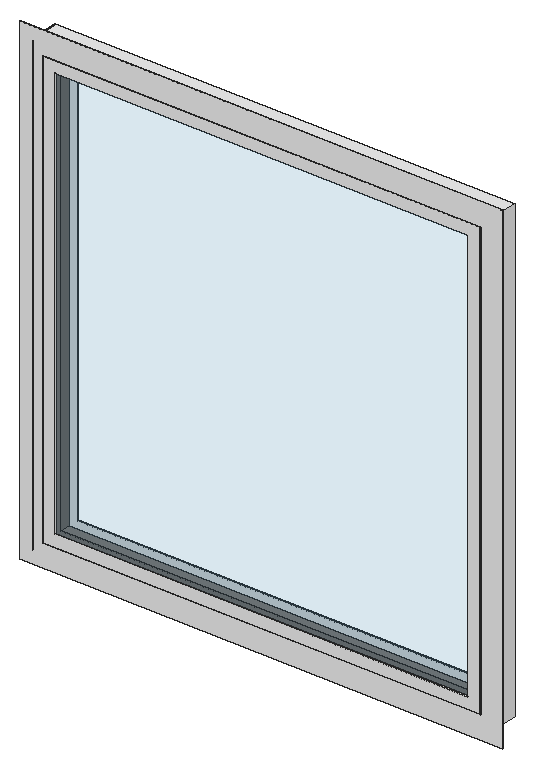
Revit family "Casement_30.5_G_Top_Hung_Standard", category Windows, host Wall, Revit 2014
Parameters (values of type "Casement_Sash_DG")
  Width Sash [instance] = 30 mm
  Width Sash Inner = 15 mm
  Width Bead = 15 mm
  Top Hung [instance] = yes
  Side Hung Right [instance] = yes
  Side Hung Left [instance] = yes
  Sash Opening Width [instance] = 600 mm
  Sash Opening Height [instance] = 600.312 mm
  Sash Lip = 15 mm
  Glazing Material [instance] = Glass
  DG Start Piece 2 [instance] = DG End Piece 1 + DG Gasket Thickness  # 25 mm
  DG Start Peice 1 [instance] = (Depth Sash - (2 * DG Glazing Thickness) - DG Gasket Thickness) / 2  # 6.6 mm
  Glazing Offset = 5 mm
  DG Glazing Thickness [instance] = 6.4 mm
  DG Gasket Thickness = 12 mm  # constant formula
  DG Gasket Material [instance] = Double Glazing Gasket Material
  DG End Piece 2 [instance] = DG Start Piece 2 + DG Glazing Thickness  # 31.4 mm
  DG End Piece 1 [instance] = DG Start Peice 1 + DG Glazing Thickness  # 13 mm
  Depth Sash [instance] = 38 mm
  Center Vertical Sash [instance] = Sash Opening Height / 2  # 300.156 mm
  Center Horizontal Sash [instance] = Sash Opening Width / 2  # 300 mm
  Bottom Hung [instance] = yes
  Bead Offset = 15 mm
  Aluminium Thickness = 1 mm
  Aluminium Material [instance] = White Powder Coated Aluminium
Reference planes
  plane 1 "Center (Front/Back)": y = 0
  plane 2: z = 0
  plane 3 "Center (Left/Right)": x = 0
Forms (mm)
  Sweep 1, solid, material "White Powder Coated Aluminium" <- "Aluminium Material"
    path origin (16.177, 0, 121.331) x (1, 0, 0) y (0, 0, 1)
      loop
        line (0, 0) -> (600, 0) -> (600, 600.312) -> (0, 600.312) -> (0, 0)
    profile origin (316.177, 0, 121.331) x (0, 0, 1) y (0, -1, 0)
      loop
        line (0, 0) -> (30, 0) -> (30, 1) -> (15, 1) -> (15, 38) -> (-15, 38) -> (-15, 37) -> (0, 37) -> (0, 0)
      loop
        line (14, 1) -> (14, 37) -> (1, 37) -> (1, 1) -> (14, 1)
  Sweep 2, solid, material "White Powder Coated Aluminium" <- "Aluminium Material"
    path origin (0, 0, 0) x (1, 0, 0) y (0, 0, 1)
      loop
        line (31.177, 706.643) -> (31.177, 136.331) -> (601.177, 136.331) -> (601.177, 706.643) -> (31.177, 706.643)
    profile origin (316.177, 0, 706.643) x (0, 0, 1) y (0, -1, 0)
      loop
        line (0, 37) -> (0, 38) -> (-15, 38) -> (-15, 37) -> (0, 37)
  Extrusion 3, solid, material "Glass" <- "Glazing Material"
    sketch origin (0, 0, 0) x (1, 0, 0) y (0, 0, 1)
      loop
        line (36.177, 701.643) -> (36.177, 141.331) -> (596.177, 141.331) -> (596.177, 701.643) -> (36.177, 701.643)
    from 6.6 <- "DG Start Peice 1" to 13 <- "DG End Piece 1"
  Extrusion 4, solid, material "Glass" <- "Glazing Material"
    sketch origin (0, 0, 0) x (1, 0, 0) y (0, 0, 1)
      loop
        line (36.177, 701.643) -> (36.177, 141.331) -> (596.177, 141.331) -> (596.177, 701.643) -> (36.177, 701.643)
    from 31.4 <- "DG End Piece 2" to 25 <- "DG Start Piece 2"
  Sweep 5, solid, material "Double Glazing Gasket Material" <- "DG Gasket Material"
    path origin (0, -13, 0) x (1, 0, 0) y (0, 0, 1)
      loop
        line (36.177, 701.643) -> (36.177, 141.331) -> (596.177, 141.331) -> (596.177, 701.643) -> (36.177, 701.643)
    profile origin (316.177, -13, 701.643) x (0, 0, 1) y (0, -1, 0)
      loop
        line (0, 0) -> (0, 12) -> (-7.96, 12) -> (-7.96, 0) -> (0, 0)
Lines and regions (mm)
  model lines
    curve 1: line (1.177, -38, 736.643) -> (31.177, -38, 706.643)
    curve 2: line (601.177, -38, 706.643) -> (631.177, -38, 736.643)
    curve 3: line (601.177, -38, 136.331) -> (631.177, -38, 106.331)
    curve 4: line (1.177, -38, 106.331) -> (31.177, -38, 136.331)
    curve 5: line (631.177, -37, 736.643) -> (616.177, -37, 721.643)
    curve 6: line (1.177, -37, 736.643) -> (16.177, -37, 721.643)
    curve 7: line (1.177, -37, 106.331) -> (16.177, -37, 121.331)
    curve 8: line (631.177, -37, 106.331) -> (616.177, -37, 121.331)
    curve 9: line (616.177, 0, 121.331) -> (586.177, 0, 151.331)
    curve 10: line (46.177, 0, 151.331) -> (16.177, 0, 121.331)
    curve 11: line (616.177, 0, 721.643) -> (586.177, 0, 691.643)
    curve 12: line (46.177, 0, 691.643) -> (16.177, 0, 721.643)
    curve 13: line (31.177, -38, 691.643) -> (46.177, -38, 691.643)
    curve 14: line (586.177, -38, 691.643) -> (601.177, -38, 691.643)
    curve 15: line (586.177, -38, 151.331) -> (601.177, -38, 151.331)
    curve 16: line (31.177, -38, 151.331) -> (46.177, -38, 151.331)
  model lines, style "GenericModelHiddenLines", visible <- "Top Hung"
    curve 17: line (46.386, -31.4, 690.914) -> (316.177, -31.4, 151.331)
    curve 18: line (316.177, -31.4, 151.331) -> (586.177, -31.4, 691.331)
  model lines, style "GenericModelHiddenLines", visible <- "Bottom Hung"
    curve 19: line (46.177, -31.4, 151.331) -> (316.177, -31.4, 691.331)
    curve 20: line (316.177, -31.4, 691.331) -> (586.177, -31.4, 151.331)
  model lines, style "GenericModelHiddenLines", visible <- "Side Hung Left"
    curve 21: line (46.386, -31.4, 690.914) -> (585.24, -31.4, 421.487)
    curve 22: line (585.24, -31.4, 421.487) -> (46.177, -31.4, 151.331)
  model lines, style "GenericModelHiddenLines", visible <- "Side Hung Right"
    curve 23: line (586.177, -31.4, 691.331) -> (46.177, -31.4, 421.487)
    curve 24: line (46.177, -31.4, 421.487) -> (586.177, -31.4, 151.331)
Dimensions and locks
  "Aluminium Thickness": Sweep 1 sketch curve to Sweep 1 sketch curve  (x4)
  "Depth Sash": Sweep 1 sketch curve to Sweep 1 sketch curve
  "Sash Opening Width": Sweep 1 to Sweep 1
  "Sash Opening Height": Sweep 1 to Sweep 1
  "Width Sash": Sweep 1 sketch curve to Sweep 1 sketch curve  (x2)
  "Width Sash Inner": Sweep 1 sketch curve to Sweep 1 sketch curve
  "Sash Lip": Sweep 1 sketch curve to Sweep 1 sketch curve
  "Aluminium Thickness": Sweep 1 to Sweep 2 sketch curve
  "Glazing Offset": Sweep 2 to Extrusion 3 sketch curve  (x3)
  "Glazing Offset": Extrusion 3 sketch curve to Sweep 2
  Sweep 1 to Sweep 1 = 1 mm
  "Aluminium Thickness": Sweep 2 sketch curve to Sweep 2 sketch curve
  "Width Bead": Sweep 2 sketch curve to Sweep 2 sketch curve
  locked: Sweep 5 sketch curve to Sweep 5 sketch curve at 7.96
  "Center Horizontal Sash": Sweep 1 to curve 18
  "Center Horizontal Sash": Sweep 1 to curve 20
  "Center Vertical Sash": Sweep 1 to curve 22
  "Center Vertical Sash": Sweep 1 to curve 24
  aligned and locked: level to plane 2
  aligned and locked: Sweep 1 sketch curve to Sweep 1 sketch curve  (x2)
  aligned and locked: Sweep 2 sketch curve to Sweep 1  (x5)
  aligned and locked: Extrusion 4 sketch curve to Extrusion 3  (x4)
  aligned and locked: Sweep 5 sketch curve to Extrusion 3  (x5)
  aligned and locked: Extrusion 3 to Sweep 5 sketch curve
Automatic sketch dimensions
  plane 3 "Center (Left/Right)" to Sweep 1 sketch curve = 16.177 mm
  level to Sweep 1 sketch curve = 121.331 mm
  plane 3 "Center (Left/Right)" to Sweep 1 sketch curve = 616.177 mm
  level to Sweep 1 sketch curve = 721.643 mm
  profile plane to Sweep 5 sketch curve = 12 mm
  curve 7 to Sweep 1 = 0 mm  (x4)
  curve 6 to Sweep 1 = 0 mm  (x3)
  Sweep 1 to curve 6 = 0 mm
  curve 5 to Sweep 1 = 0 mm  (x3)
  curve 8 to Sweep 1 = 0 mm  (x4)
  Sweep 1 to curve 5 = 0 mm
  curve 16 to Sweep 2 = 0 mm  (x3)
  curve 13 to Sweep 2 = 0 mm  (x3)
  curve 15 to Sweep 2 = 0 mm
  Sweep 2 to curve 15 = 0 mm  (x2)
  curve 14 to Sweep 2 = 0 mm  (x2)
  Sweep 2 to curve 14 = 0 mm
  curve 1 to Sweep 1 = 0 mm  (x4)
  curve 4 to Sweep 1 = 0 mm  (x3)
  Sweep 1 to curve 4 = 0 mm
  curve 3 to Sweep 1 = 0 mm  (x3)
  curve 2 to Sweep 1 = 0 mm  (x4)
  Sweep 1 to curve 3 = 0 mm
  curve 10 to Sweep 1 = 0 mm  (x4)
  curve 12 to Sweep 1 = 0 mm  (x3)
  Sweep 1 to curve 12 = 0 mm
  curve 9 to Sweep 1 = 0 mm  (x4)
  curve 11 to Sweep 1 = 0 mm  (x3)
  Sweep 1 to curve 11 = 0 mm
  Sweep 1 sketch curve to plane 1 "Center (Front/Back)" = 0 mm
  profile plane to Sweep 1 sketch curve = 0 mm
  curve 21 to Extrusion 4 = 10.208 mm
  curve 19 to Extrusion 4 = 10 mm
  curve 23 to Extrusion 4 = 10 mm  (x2)
  curve 22 to Extrusion 4 = 10.937 mm
  curve 20 to Extrusion 4 = 10 mm
  curve 24 to Extrusion 4 = 10 mm
  curve 22 to Extrusion 4 = 10 mm
  curve 18 to Extrusion 4 = 10 mm
  curve 21 to Extrusion 4 = 10.729 mm
  curve 19 to Extrusion 4 = 10.312 mm
  curve 18 to Extrusion 4 = 10.312 mm
Types in the file's own list only (12): name | Windload Design | Width Sash Opening | Width Sash 2 | Width Sash 1 | Width Profile | Width Panel 4 | Width Panel 2 | Width Panel 1 | Width | URL | Rough Width | Max System DG Unit Thickness | Max System DG One Piece Thickness | Max Pane Area | Limit Sash Height Bottom Min | Limit Sash Height Bottom Max | Limit Sash Bottom Height Max Based On Top Sash | Limit Fixed Pane Width Min | Limit Fixed Pane Width Max | Limit Fixed Pane Height Min | Limit Fixed Pane Height Max | Intruderprufe U Value | Intruderprufe SHGC Value | Intruderprufe LowE U Value | Intruderprufe LowE SHGC Value | Height Sash Top Opening | Height Sash Bottom Opening | Height | Energy Advantage U Value | Energy Advantage SHGC Value | DG Thickness Calc | DG Thickness | Custom Window Width | Custom Window Height | Custom Windload | Custom Sash Width | Sash Spacing Inner | Sash Overlap | Sash Center Offset | SG Gasket Thickness | Offset Window Exterior | Offset Sash Left | Offset Sash 2 Top | Offset Sash 1 Top | Offset Panel 4 Left | Offset Mullion Left | Offset Transom 1 Top | Offset Bead SG Center Reversed | Model | Manufacturer | Limit Window Width Min | Limit Window Width Max | Limit Window Height Max | Limit Sash Width Min | Limit Sash Width Max | Limit Sash Height Top Min | Limit Sash Height Top Max | Length Transom | Length Mullion | Height Sash 2 | Height Sash 1 | Height Panel 4 | Height Panel 2 | Height Panel 1 | Double Glazing | Description | Depth Mullion | Frame Center Offset | Depth Bead | Default Sill Height | Wall Closure | DG Gasket Finish | DG Extrusion Start | Mullion Depth Windload Based | Window Exterior Offset | Custom Sash Height Top | Custom Sash Height Bottom | Clearvue U Value | Clearvue SHGC Value | Casement Dimension | Bottom Hung | Bead SG Gap | Area Pane Right | Area Pane Left Top | Area Pane Left Bottom
  305-1212DT-1000Pa | 1000 mm | 569 mm | 539 mm | 539 mm | 30 mm | 545 mm | 555 mm | 555 mm | 1190 mm | "http://www.crealco.co.za/crealco-products.php" | 16 mm | 18 mm | 3 mm | 0.60 m² | 300 mm | 750 mm | 1229 mm | 200 mm | 1500 mm | 200 mm | 1800 mm | 8.09 | 0.765 | 6.14 | 0.677 | 569 mm | 569 mm | 1200 mm | 6.28 | 0.719 | 3 mm | 3 mm | 1190 mm | 1190 mm | 1000 mm | 569 mm | 8 mm | 7 mm | 12 mm | 6 mm | 15 mm | 23 mm | 608 mm | 23 mm | 615 mm | 585 mm | 585 mm | 15 mm | "Casement 30.5" | "Crealco" | 845 mm | 2145 mm | 1860 mm | 300 mm | 1000 mm | 300 mm | 750 mm | 555 mm | 1200 mm | 539 mm | 539 mm | 1140 mm | 555 mm | 555 mm | No | "Window 30.5mm, Type G top hung" | 32 mm | 15 mm | 17 mm | 800 mm | By host | Double Glazing Gasket Material | 5 mm | 32 mm | 0 mm | 569 mm | 569 mm | 8.28 | 0.803 | 31 mm | No | 13 mm | 0.60 m² | 0.25 m² | 0.25 m²
  305-1212DT-1500Pa | 1500 mm | 569 mm | 539 mm | 539 mm | 30 mm | 545 mm | 555 mm | 555 mm | 1190 mm | "http://www.crealco.co.za/crealco-products.php" | 16 mm | 18 mm | 3 mm | 0.60 m² | 300 mm | 750 mm | 1229 mm | 200 mm | 1500 mm | 200 mm | 1800 mm | 8.09 | 0.764 | 6.24 | 0.679 | 569 mm | 569 mm | 1200 mm | 6.38 | 0.721 | 3 mm | 3 mm | 1190 mm | 1190 mm | 1500 mm | 569 mm | 8 mm | 7 mm | 12 mm | 6 mm | 15 mm | 23 mm | 608 mm | 23 mm | 615 mm | 585 mm | 585 mm | 15 mm | "Casement 30.5" | "Crealco" | 845 mm | 2145 mm | 1860 mm | 300 mm | 1000 mm | 300 mm | 750 mm | 555 mm | 1200 mm | 539 mm | 539 mm | 1140 mm | 555 mm | 555 mm | No | "Window 30.5mm, Type G top hung" | 54 mm | 15 mm | 17 mm | 800 mm | By host | Double Glazing Gasket Material | 5 mm | 54 mm | 0 mm | 569 mm | 569 mm | 8.28 | 0.804 | 31 mm | No | 13 mm | 0.60 m² | 0.25 m² | 0.25 m²
  305-1512DT-1000Pa | 1000 mm | 569 mm | 539 mm | 539 mm | 30 mm | 845 mm | 555 mm | 555 mm | 1490 mm | "http://www.crealco.co.za/crealco-products.php" | 16 mm | 18 mm | 3 mm | 0.94 m² | 300 mm | 750 mm | 1229 mm | 200 mm | 1500 mm | 200 mm | 1800 mm | 8.61 | 0.869 | 6.46 | 0.77 | 569 mm | 569 mm | 1200 mm | 6.61 | 0.819 | 3 mm | 3 mm | 1490 mm | 1190 mm | 1000 mm | 569 mm | 8 mm | 7 mm | 12 mm | 6 mm | 15 mm | 23 mm | 608 mm | 23 mm | 615 mm | 585 mm | 585 mm | 15 mm | "Casement 30.5" | "Crealco" | 845 mm | 2145 mm | 1860 mm | 300 mm | 1000 mm | 300 mm | 750 mm | 555 mm | 1200 mm | 539 mm | 539 mm | 1140 mm | 555 mm | 555 mm | No | "Window 30.5mm, Type G top hung" | 54 mm | 15 mm | 17 mm | 800 mm | By host | Double Glazing Gasket Material | 5 mm | 54 mm | 0 mm | 569 mm | 569 mm | 8.81 | 0.803 | 31 mm | No | 13 mm | 0.94 m² | 0.25 m² | 0.25 m²
  305-1812DT-1000Pa | 1000 mm | 854 mm | 824 mm | 824 mm | 30 mm | 860 mm | 840 mm | 840 mm | 1790 mm | "http://www.crealco.co.za/crealco-products.php" | 16 mm | 18 mm | 3 mm | 0.96 m² | 300 mm | 750 mm | 1229 mm | 200 mm | 1500 mm | 200 mm | 1800 mm | 8 | 0.818 | 5.98 | 0.542 | 569 mm | 569 mm | 1200 mm | 6.11 | 0.771 | 3 mm | 3 mm | 1790 mm | 1190 mm | 1000 mm | 854 mm | 8 mm | 7 mm | 12 mm | 6 mm | 15 mm | 23 mm | 608 mm | 23 mm | 900 mm | 870 mm | 585 mm | 15 mm | "Casement 30.5" | "Crealco" | 1130 mm | 2430 mm | 1860 mm | 300 mm | 1000 mm | 300 mm | 750 mm | 840 mm | 1200 mm | 539 mm | 539 mm | 1140 mm | 555 mm | 555 mm | No | "Window 30.5mm, Type G top hung" | 54 mm | 15 mm | 17 mm | 800 mm | By host | Double Glazing Gasket Material | 5 mm | 54 mm | 0 mm | 569 mm | 569 mm | 8.19 | 0.861 | 31 mm | No | 13 mm | 0.96 m² | 0.39 m² | 0.39 m²
  305-2412DT-1000Pa | 1000 mm | 854 mm | 824 mm | 824 mm | 30 mm | 1460 mm | 840 mm | 840 mm | 2390 mm | "http://www.crealco.co.za/crealco-products.php" | 16 mm | 18 mm | 3 mm | 1.64 m² | 300 mm | 750 mm | 1229 mm | 200 mm | 1500 mm | 200 mm | 1800 mm | 5.94 | 0.647 | 4.32 | 0.571 | 569 mm | 569 mm | 1200 mm | 7.9 | 0 | 4 mm | 3 mm | 2390 mm | 1190 mm | 1000 mm | 854 mm | 8 mm | 7 mm | 12 mm | 6 mm | 15 mm | 23 mm | 608 mm | 23 mm | 900 mm | 870 mm | 585 mm | 15 mm | "Casement 30.5" | "Crealco" | 1130 mm | 2430 mm | 1860 mm | 300 mm | 1000 mm | 300 mm | 750 mm | 840 mm | 1200 mm | 539 mm | 539 mm | 1140 mm | 555 mm | 555 mm | No | "Window 30.5mm, Type G top hung" | 54 mm | 15 mm | 17 mm | 800 mm | By host | Double Glazing Gasket Material | 5 mm | 54 mm | 0 mm | 569 mm | 569 mm | 7.9 | 0 | 31 mm | No | 13 mm | 1.64 m² | 0.39 m² | 0.39 m²
  305-1212DT-2000Pa | 2000 mm | 569 mm | 539 mm | 539 mm | 30 mm | 545 mm | 555 mm | 555 mm | 1190 mm | "http://www.crealco.co.za/crealco-products.php" | 16 mm | 18 mm | 3 mm | 0.60 m² | 300 mm | 750 mm | 1229 mm | 200 mm | 1500 mm | 200 mm | 1800 mm | 8.09 | 0.764 | 6.24 | 0.679 | 569 mm | 569 mm | 1200 mm | 6.38 | 0.721 | 3 mm | 3 mm | 1190 mm | 1190 mm | 2000 mm | 569 mm | 8 mm | 7 mm | 12 mm | 6 mm | 15 mm | 23 mm | 608 mm | 23 mm | 615 mm | 585 mm | 585 mm | 15 mm | "Casement 30.5" | "Crealco" | 845 mm | 2145 mm | 1860 mm | 300 mm | 1000 mm | 300 mm | 750 mm | 555 mm | 1200 mm | 539 mm | 539 mm | 1140 mm | 555 mm | 555 mm | No | "Window 30.5mm, Type G top hung" | 54 mm | 15 mm | 17 mm | 800 mm | By host | Double Glazing Gasket Material | 5 mm | 54 mm | 0 mm | 569 mm | 569 mm | 8.28 | 0.804 | 31 mm | No | 13 mm | 0.60 m² | 0.25 m² | 0.25 m²
  305-1512DT-1500Pa | 1500 mm | 569 mm | 539 mm | 539 mm | 30 mm | 845 mm | 555 mm | 555 mm | 1490 mm | "http://www.crealco.co.za/crealco-products.php" | 16 mm | 18 mm | 3 mm | 0.94 m² | 300 mm | 750 mm | 1229 mm | 200 mm | 1500 mm | 200 mm | 1800 mm | 8.61 | 0.869 | 6.46 | 0.77 | 569 mm | 569 mm | 1200 mm | 6.61 | 0.819 | 3 mm | 3 mm | 1490 mm | 1190 mm | 1500 mm | 569 mm | 8 mm | 7 mm | 12 mm | 6 mm | 15 mm | 23 mm | 608 mm | 23 mm | 615 mm | 585 mm | 585 mm | 15 mm | "Casement 30.5" | "Crealco" | 845 mm | 2145 mm | 1860 mm | 300 mm | 1000 mm | 300 mm | 750 mm | 555 mm | 1200 mm | 539 mm | 539 mm | 1140 mm | 555 mm | 555 mm | No | "Window 30.5mm, Type G top hung" | 54 mm | 15 mm | 17 mm | 800 mm | By host | Double Glazing Gasket Material | 5 mm | 54 mm | 0 mm | 569 mm | 569 mm | 8.81 | 0.803 | 31 mm | No | 13 mm | 0.94 m² | 0.25 m² | 0.25 m²
  305-1512DT-2000Pa | 2000 mm | 569 mm | 539 mm | 539 mm | 30 mm | 845 mm | 555 mm | 555 mm | 1490 mm | "http://www.crealco.co.za/crealco-products.php" | 16 mm | 18 mm | 3 mm | 0.94 m² | 300 mm | 750 mm | 1229 mm | 200 mm | 1500 mm | 200 mm | 1800 mm | 8.61 | 0.869 | 6.46 | 0.77 | 569 mm | 569 mm | 1200 mm | 6.61 | 0.819 | 3 mm | 3 mm | 1490 mm | 1190 mm | 2000 mm | 569 mm | 8 mm | 7 mm | 12 mm | 6 mm | 15 mm | 23 mm | 608 mm | 23 mm | 615 mm | 585 mm | 585 mm | 15 mm | "Casement 30.5" | "Crealco" | 845 mm | 2145 mm | 1860 mm | 300 mm | 1000 mm | 300 mm | 750 mm | 555 mm | 1200 mm | 539 mm | 539 mm | 1140 mm | 555 mm | 555 mm | No | "Window 30.5mm, Type G top hung" | 54 mm | 15 mm | 17 mm | 800 mm | By host | Double Glazing Gasket Material | 5 mm | 54 mm | 0 mm | 569 mm | 569 mm | 8.81 | 0.803 | 31 mm | No | 13 mm | 0.94 m² | 0.25 m² | 0.25 m²
  305-1812DT-1500Pa | 1500 mm | 854 mm | 824 mm | 824 mm | 30 mm | 860 mm | 840 mm | 840 mm | 1790 mm | "http://www.crealco.co.za/crealco-products.php" | 16 mm | 18 mm | 3 mm | 0.96 m² | 300 mm | 750 mm | 1229 mm | 200 mm | 1500 mm | 200 mm | 1800 mm | 8 | 0.818 | 5.98 | 0.542 | 569 mm | 569 mm | 1200 mm | 6.11 | 0.771 | 3 mm | 3 mm | 1790 mm | 1190 mm | 1500 mm | 854 mm | 8 mm | 7 mm | 12 mm | 6 mm | 15 mm | 23 mm | 608 mm | 23 mm | 900 mm | 870 mm | 585 mm | 15 mm | "Casement 30.5" | "Crealco" | 1130 mm | 2430 mm | 1860 mm | 300 mm | 1000 mm | 300 mm | 750 mm | 840 mm | 1200 mm | 539 mm | 539 mm | 1140 mm | 555 mm | 555 mm | No | "Window 30.5mm, Type G top hung" | 54 mm | 15 mm | 17 mm | 800 mm | By host | Double Glazing Gasket Material | 5 mm | 54 mm | 0 mm | 569 mm | 569 mm | 8.19 | 0.861 | 31 mm | No | 13 mm | 0.96 m² | 0.39 m² | 0.39 m²
  305-1812DT-2000Pa | 2000 mm | 854 mm | 824 mm | 824 mm | 30 mm | 860 mm | 840 mm | 840 mm | 1790 mm | "http://www.crealco.co.za/crealco-products.php" | 16 mm | 18 mm | 3 mm | 0.96 m² | 300 mm | 750 mm | 1229 mm | 200 mm | 1500 mm | 200 mm | 1800 mm | 8 | 0.818 | 5.98 | 0.542 | 569 mm | 569 mm | 1200 mm | 6.11 | 0.771 | 3 mm | 3 mm | 1790 mm | 1190 mm | 2000 mm | 854 mm | 8 mm | 7 mm | 12 mm | 6 mm | 15 mm | 23 mm | 608 mm | 23 mm | 900 mm | 870 mm | 585 mm | 15 mm | "Casement 30.5" | "Crealco" | 1130 mm | 2430 mm | 1860 mm | 300 mm | 1000 mm | 300 mm | 750 mm | 840 mm | 1200 mm | 539 mm | 539 mm | 1140 mm | 555 mm | 555 mm | No | "Window 30.5mm, Type G top hung" | 54 mm | 15 mm | 17 mm | 800 mm | By host | Double Glazing Gasket Material | 5 mm | 54 mm | 0 mm | 569 mm | 569 mm | 8.19 | 0.861 | 31 mm | No | 13 mm | 0.96 m² | 0.39 m² | 0.39 m²
  305-2412DT-1500Pa | 1500 mm | 854 mm | 824 mm | 824 mm | 30 mm | 1460 mm | 840 mm | 840 mm | 2390 mm | "http://www.crealco.co.za/crealco-products.php" | 16 mm | 18 mm | 3 mm | 1.64 m² | 300 mm | 750 mm | 1229 mm | 200 mm | 1500 mm | 200 mm | 1800 mm | 5.94 | 0.647 | 4.32 | 0.571 | 569 mm | 569 mm | 1200 mm | 7.9 | 0 | 4 mm | 3 mm | 2390 mm | 1190 mm | 1500 mm | 854 mm | 8 mm | 7 mm | 12 mm | 6 mm | 15 mm | 23 mm | 608 mm | 23 mm | 900 mm | 870 mm | 585 mm | 15 mm | "Casement 30.5" | "Crealco" | 1130 mm | 2430 mm | 1860 mm | 300 mm | 1000 mm | 300 mm | 750 mm | 840 mm | 1200 mm | 539 mm | 539 mm | 1140 mm | 555 mm | 555 mm | No | "Window 30.5mm, Type G top hung" | 54 mm | 15 mm | 17 mm | 800 mm | By host | Double Glazing Gasket Material | 5 mm | 54 mm | 0 mm | 569 mm | 569 mm | 7.9 | 0 | 31 mm | No | 13 mm | 1.64 m² | 0.39 m² | 0.39 m²
  305-2412DT-2000Pa | 2000 mm | 854 mm | 824 mm | 824 mm | 30 mm | 1460 mm | 840 mm | 840 mm | 2390 mm | "http://www.crealco.co.za/crealco-products.php" | 16 mm | 18 mm | 3 mm | 1.64 m² | 300 mm | 750 mm | 1229 mm | 200 mm | 1500 mm | 200 mm | 1800 mm | 5.94 | 0.647 | 4.32 | 0.571 | 569 mm | 569 mm | 1200 mm | 7.9 | 0 | 4 mm | 3 mm | 2390 mm | 1190 mm | 2000 mm | 854 mm | 8 mm | 7 mm | 12 mm | 6 mm | 15 mm | 23 mm | 608 mm | 23 mm | 900 mm | 870 mm | 585 mm | 15 mm | "Casement 30.5" | "Crealco" | 1130 mm | 2430 mm | 1860 mm | 300 mm | 1000 mm | 300 mm | 750 mm | 840 mm | 1200 mm | 539 mm | 539 mm | 1140 mm | 555 mm | 555 mm | No | "Window 30.5mm, Type G top hung" | 54 mm | 15 mm | 17 mm | 800 mm | By host | Double Glazing Gasket Material | 5 mm | 54 mm | 0 mm | 569 mm | 569 mm | 7.9 | 0 | 31 mm | No | 13 mm | 1.64 m² | 0.39 m² | 0.39 m²
